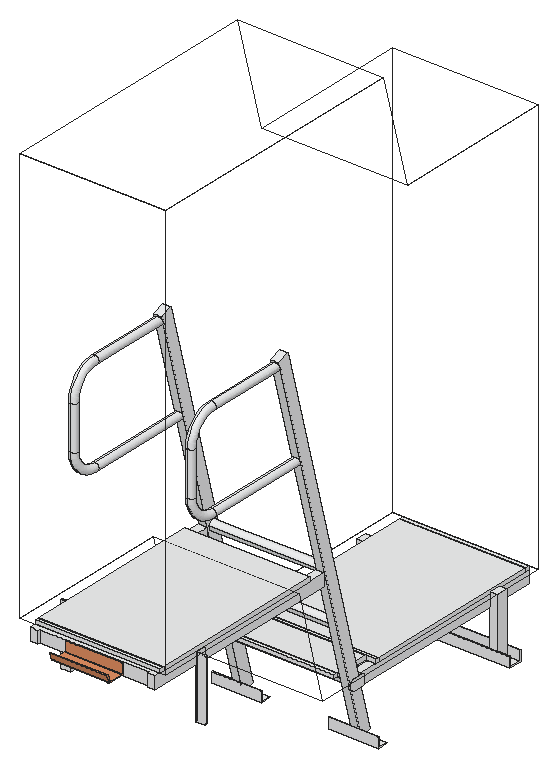
Revit family "Dock_Ladder_Kattsafe_Parapet", category Specialty Equipment, Revit 2025
Family settings
  Round Connector Dimension = Use Diameter
  Part Type = Normal
  OmniClass Number = 23.17.23.15
  Work Plane-Based = Yes
  Enable Cutting in Views = No
  Always vertical = No
  Cut with Voids When Loaded = No
  Maintain Annotation Orientation = No
  Shared = No
  Room Calculation Point = No
Parameters (values of type "RL452")
  Uniclass2015Version = "Products v1.35"
  Uniclass2015Title = "Access ladders"
  Uniclass2015Code = "Pr_25_30_85_02"
  URL = "https://kattsafe.com.au/"
  Type IFC Predefined Type = "USERDEFINED"
  Type Comments = "Dock - Parapet - Ladder"
  RequiredSpace [instance] = yes
  ModifiedIssue = 20250224
  Model = "RL452"
  Material [instance] = Aluminum_Kattsafe_Satin
  ManufacturerURLProductSpecific = "https://kattsafe.com.au/products/rung-ladders/ladder-docks/ladder-dock-parapet-mount-RL452"
  ManufacturerSpecCode = Model  # "RL452"
  ManufacturerOverallWidth = 801 mm  # constant formula
  ManufacturerOverallHeight [instance] = 1827 mm  # constant formula
  ManufacturerOverallDepth [instance] = 2325 mm  # constant formula
  Manufacturer = "Kattsafe®"  # constant formula
  LadderHeight = 856.173 mm
  IfcExportType = "USERDEFINED"
  IfcExportAs = "IfcBuildingElementProxy"
  Export Type to IFC As = "IfcBuildingElementProxy"
  ElementType = "Ladder"
  Description = "The RL452 ladder dock - parapet mount - provides a secure attachment point for portable ladders used by maintenance personnel when accessing elevated areas."
  Default Elevation = 1219.2 mm
  CreatedByURL = "https://igsgroup.com.au"
  CreatedBy = "IGS BIM Solutions"  # constant formula
  Assembly Code = "E1090100"
Reference planes
  plane 1 "Ref. Level": z = 0
  plane 2 "Center (Left/Right)": x = 0
  plane 3 "Right": x = 400.5
  plane 4 "Left": x = -400.5
  plane 5 "PlatformTop": z = 827
  plane 6 "LowerPlatformTop": z = 300
  plane 7 "PlatformLeft": x = -300.5
  plane 8 "PlatformRight": x = 300.5
  plane 9 "BottomReference": z = 0
  plane 10 "HandrailTop": z = 1827
  plane 11 "GrabrailLeftCentre": x = -281.5
  plane 12 "GrabrailRightCentre": x = 281.5
  plane 13 "PlatformFront": y = -1649.646
  plane 14 "WallPlacement": y = -1404.646
  plane 15 "PlatformBack": y = -639.646
  plane 16 "FloorBackSupport": y = 385.354
  plane 17 "Back": y = 590.354
  plane 18 "FloorMountFront": y = -414.646
  plane 19 "MountBottom": z = 507
  plane 20 "Front": y = -1734.646
  plane 21 "RequiredSpaceRight": x = 350.5
  plane 22 "RequiredSpaceLeft": x = -350.5
Forms (mm)
  Extrusion 1, solid, material "Aluminum_Kattsafe_Mesh_Walkway"
    sketch origin (0, -2055.168, 300) x (0, -1, 0) y (1, 0, 0)
      loop
        line (-2627.023, -300.5) -> (-1749.773, -300.5) -> (-1749.773, 300.5) -> (-2627.023, 300.5) -> (-2627.023, -300.5)
    from 0 to -18.5
  Extrusion 2, solid, material "Aluminum_Kattsafe_Satin" <- "Material"
    sketch origin (0, -430.062, 229) x (0, 1, 0) y (0, 0, 1)
      loop
        line (1020.417, 71) -> (1001.917, 71) -> (1001.917, 52.5) -> (1020.417, 52.5) -> (1020.417, 71)
    from -300.5 to 300.5
  Extrusion 3, solid, material "Aluminum_Kattsafe_Satin" <- "Material"
    sketch origin (1218.7, -5088.085, 130) x (0, -1, 0) y (-1, 0, 0)
      loop
        line (-5502.44, 1557.2) -> (-5502.44, 1519.2) -> (-5444.44, 1519.2) -> (-5444.44, 1557.2) -> (-5502.44, 1557.2)
    from -163 to 130
  Extrusion 4, solid, material "Aluminum_Kattsafe_Satin" <- "Material"
    sketch origin (1219.7, -5088.085, 130) x (0, -1, 0) y (-1, 0, 0)
      loop
        line (-5502.44, 919.2) -> (-5502.44, 881.2) -> (-5444.44, 881.2) -> (-5444.44, 919.2) -> (-5502.44, 919.2)
    from -163 to 130
  Extrusion 5, solid, material "Aluminum_Kattsafe_Satin" <- "Material"
    sketch origin (0, 224.832, 92) x (1, 0, 0) y (0, 0, 1)
      loop
        line (262.5, 189.5) -> (262.5, 131.5) -> (300.5, 131.5) -> (300.5, 189.5) -> (262.5, 189.5)
    from 639.477 to -365.523
  Extrusion 6, solid, material "Aluminum_Kattsafe_Satin" <- "Material"
    sketch origin (0, 224.832, 92) x (1, 0, 0) y (0, 0, 1)
      loop
        line (-300.5, 189.5) -> (-300.5, 131.5) -> (-262.5, 131.5) -> (-262.5, 189.5) -> (-300.5, 189.5)
    from 639.477 to -365.523
  Extrusion 7, solid, material "Aluminum_Kattsafe_Mesh_Walkway"
    sketch origin (0, -2055.168, 300) x (0, -1, 0) y (1, 0, 0)
      loop
        line (-1731.273, -250) -> (-1558.523, -250) -> (-1558.523, 250) -> (-1731.273, 250) -> (-1731.273, -250)
    from 0 to -18.5
  Extrusion 8, solid, material "Aluminum_Kattsafe_Satin" <- "Material"
    sketch origin (0, -1360.396, 229) x (0, 1, 0) y (0, 0, 1)
      loop
        line (1055, 71) -> (1036.5, 71) -> (1036.5, 52.5) -> (1055, 52.5) -> (1055, 71)
    from -300.5 to 300.5
  Extrusion 9, solid, material "Aluminum_Kattsafe_Satin" <- "Material"
    sketch origin (0, -1514.437, 229) x (0, 1, 0) y (0, 0, 1)
      loop
        line (1017.791, 71) -> (999.791, 71) -> (999.791, 52.5) -> (1017.791, 52.5) -> (1017.791, 71)
    from -250 to 250
  Extrusion 10, solid, material "Aluminum_Kattsafe_Mesh_Walkway"
    sketch origin (0, -2184.846, 827) x (0, -1, 0) y (1, 0, 0)
      loop
        line (-1465.2, -300) -> (-583.7, -300) -> (-583.7, 300) -> (-1465.2, 300) -> (-1465.2, -300)
    from 0 to -18.5
  Extrusion 11, solid, material "Aluminum_Kattsafe_Satin" <- "Material", detail levels medium+fine
    sketch origin (0, -2246.107, 577) x (0, 1, 0) y (0, 0, 1)
      loop
        line (1028.462, 193.5) -> (1086.462, 193.5) -> (1086.462, 231.5) -> (1028.462, 231.5) -> (1028.462, 193.5)
      loop
        line (1451.462, 193.5) -> (1509.462, 193.5) -> (1509.462, 231.5) -> (1451.462, 231.5) -> (1451.462, 193.5)
    from -262 to 262
  Extrusion 12, solid, material "Aluminum_Kattsafe_Satin"
    sketch origin (0, -2184.846, 808.5) x (0, -1, 0) y (1, 0, 0)
      loop
        line (-1545.2, -300) -> (-535.2, -300) -> (-535.2, -262) -> (-545.2, -262) -> (-545.2, 262) -> (-535.2, 262) -> (-535.2, 300) -> (-1545.2, 300) -> (-1545.2, 262) -> (-583.2, 262) -> (-583.2, -262) -> (-1545.2, -262) -> (-1545.2, -300)
    from 0 to -57.262
  Extrusion 13, solid, material "Aluminum_Kattsafe_Satin" <- "Material"
    sketch origin (-400.5, -2187.991, 827) x (0, -1, 0) y (0, 0, -1)
      loop
        line (-1804.019, 827) -> (-1804.019, 824) -> (-1757.019, 824) -> (-1757.019, 777) -> (-1754.019, 777) -> (-1754.019, 827) -> (-1804.019, 827)
    from 0 to 238
  Extrusion 14, solid, material "Aluminum_Kattsafe_Satin" <- "Material"
    sketch origin (400.5, -2187.991, 827) x (0, -1, 0) y (0, 0, -1)
      loop
        line (-1804.019, 827) -> (-1804.019, 824) -> (-1757.019, 824) -> (-1757.019, 777) -> (-1754.019, 777) -> (-1754.019, 827) -> (-1804.019, 827)
    from 0 to -238
  Extrusion 15, solid, material "Aluminum_Kattsafe_Satin" <- "Material"
    sketch origin (0, -2215.085, 827) x (0, -1, 0) y (0, 0, -1)
      loop
        line (-2632.94, 777) -> (-2629.94, 777) -> (-2629.94, 824) -> (-2570.94, 824) -> (-2570.94, 777) -> (-2567.94, 777) -> (-2567.94, 827) -> (-2632.94, 827) -> (-2632.94, 777)
    from -400.5 to 400.5
  Sweep 16, solid, material "Aluminum_Kattsafe_Satin" <- "Material"
    path origin (-281.5, 0, 0) x (0, 0, -1) y (0, -1, 0)
      loop
        line (-1808, 902.027) -> (-1808, 1287.65)
        arc (-1808, 1287.65) -> (-1771.388, 1376.039) -> (-1683, 1412.65) r 125
        line (-1683, 1412.65) -> (-1471, 1412.65)
        arc (-1471, 1412.65) -> (-1382.612, 1376.039) -> (-1346, 1287.65) r 125
        line (-1346, 1287.65) -> (-1346, 778.234)
    profile origin (-281.5, -1094.839, 1808) x (0, 0, 1) y (-1, 0, 0)
      loop
        circle (0, 0) r 19
  Sweep 17, solid, material "Aluminum_Kattsafe_Satin" <- "Material"
    path origin (281.5, 0, 0) x (0, 0, -1) y (0, -1, 0)
      loop
        line (-1808, 902.504) -> (-1808, 1287.65)
        arc (-1808, 1287.65) -> (-1771.388, 1376.039) -> (-1683, 1412.65) r 125
        line (-1683, 1412.65) -> (-1471, 1412.65)
        arc (-1471, 1412.65) -> (-1382.612, 1376.039) -> (-1346, 1287.65) r 125
        line (-1346, 1287.65) -> (-1346, 778.711)
    profile origin (281.5, -1095.077, 1808) x (0, 0, -1) y (1, 0, 0)
      loop
        circle (0, 0) r 19
  Extrusion 18, solid, material "Aluminum_Kattsafe_Satin" <- "Material", detail levels medium+fine
    sketch origin (-300.5, 0, 0) x (0, 1, 0) y (0, 0, 1)
      loop
        line (-1404.646, 507) -> (-1364.646, 507)
        arc (-1364.646, 507) -> (-1357.575, 509.929) -> (-1354.646, 517) r 10
        line (-1354.646, 517) -> (-1354.646, 797)
        arc (-1354.646, 797) -> (-1357.575, 804.071) -> (-1364.646, 807) r 10
        line (-1364.646, 807) -> (-1404.646, 807) -> (-1404.646, 507)
    from 0 to -3
  Extrusion 19, solid, material "Aluminum_Kattsafe_Satin" <- "Material", detail levels medium+fine
    sketch origin (0, -1404.646, 0) x (-1, 0, 0) y (0, 0, 1)
      loop
        line (300.5, 507) -> (340.5, 507)
        arc (340.5, 507) -> (347.571, 509.929) -> (350.5, 517) r 10
        line (350.5, 517) -> (350.5, 797)
        arc (350.5, 797) -> (347.571, 804.071) -> (340.5, 807) r 10
        line (340.5, 807) -> (300.5, 807) -> (300.5, 507)
    from 0 to 3
  Extrusion 20, solid, material "Aluminum_Kattsafe_Satin" <- "Material", detail levels medium+fine
    sketch origin (300.5, 0, 0) x (0, 1, 0) y (0, 0, -1)
      loop
        line (-1404.646, -507) -> (-1404.646, -807) -> (-1364.646, -807)
        arc (-1364.646, -807) -> (-1357.575, -804.071) -> (-1354.646, -797) r 10
        line (-1354.646, -797) -> (-1354.646, -517)
        arc (-1354.646, -517) -> (-1357.575, -509.929) -> (-1364.646, -507) r 10
        line (-1364.646, -507) -> (-1404.646, -507)
    from 0 to -3
  Extrusion 21, solid, material "Aluminum_Kattsafe_Satin" <- "Material", detail levels medium+fine
    sketch origin (0, -1404.646, 0) x (1, 0, 0) y (0, 0, -1)
      loop
        line (300.5, -507) -> (300.5, -807) -> (340.5, -807)
        arc (340.5, -807) -> (347.571, -804.071) -> (350.5, -797) r 10
        line (350.5, -797) -> (350.5, -517)
        arc (350.5, -517) -> (347.571, -509.929) -> (340.5, -507) r 10
        line (340.5, -507) -> (300.5, -507)
    from 0 to 3
  Extrusion 22, solid, material "Aluminum_Kattsafe_Satin" <- "Material"
    sketch origin (0, -5, 0) x (0, 1, 0) y (0, 0, 1)
      loop
        line (-1596.146, 827) -> (-1614.646, 827) -> (-1614.646, 808.5) -> (-1596.146, 808.5) -> (-1596.146, 827)
    from -300 to 300
  Extrusion 23, solid, material "Steel_PowderCoat_Kattsafe_Orange", detail levels medium+fine
    sketch origin (0, 0, 0) x (0, 1, 0) y (0, 0, 1)
      loop
        line (-1641.646, 805.619) -> (-1641.646, 758.119)
        arc (-1641.646, 758.119) -> (-1642.232, 756.705) -> (-1643.646, 756.119) r 2
        line (-1643.646, 756.119) -> (-1717.89, 756.119)
        arc (-1717.89, 756.119) -> (-1719.038, 756.48) -> (-1719.77, 757.435) r 2
        line (-1719.77, 757.435) -> (-1732.766, 793.142) -> (-1734.646, 792.458) -> (-1721.649, 756.751)
        arc (-1721.649, 756.751) -> (-1720.185, 754.842) -> (-1717.89, 754.119) r 4
        line (-1717.89, 754.119) -> (-1643.646, 754.119)
        arc (-1643.646, 754.119) -> (-1640.817, 755.29) -> (-1639.646, 758.119) r 4
        line (-1639.646, 758.119) -> (-1639.646, 805.619) -> (-1641.646, 805.619)
    from -137.5 to 137.5
  Extrusion 24, solid, material "RequiredSpace_Kattsafe", visible <- "RequiredSpace"
    sketch origin (0, 0, 0) x (0, 1, 0) y (0, 0, 1)
      loop
        line (-1649.646, 2827) -> (-1649.646, 827) -> (-846.224, 827) -> (-705.015, 300) -> (590.354, 300) -> (590.354, 2300) -> (-197.355, 2300) -> (-338.564, 2827) -> (-1649.646, 2827)
    from -350.5 to 350.5
  Extrusion 25, solid, material "Aluminum_Kattsafe_Satin" <- "Material", detail levels medium+fine
    sketch origin (0, 0, 0) x (0, 1, 0) y (0, 0, 1)
      loop
        line (580.354, 243.5) -> (580.354, 281.5) -> (522.354, 281.5) -> (522.354, 243.5) -> (580.354, 243.5)
    from -262.5 to 262.5
  Extrusion 26, solid, material "Aluminum_Kattsafe_Satin" <- "Material", detail levels medium+fine
    sketch origin (0, 0, 0) x (0, 1, 0) y (0, 0, 1)
      loop
        line (157.354, 243.5) -> (157.354, 281.5) -> (99.354, 281.5) -> (99.354, 243.5) -> (157.354, 243.5)
    from -262.5 to 262.5
  Extrusion 27, solid, material "Aluminum_Kattsafe_Satin" <- "Material", detail levels medium+fine
    sketch origin (0, 0, 0) x (0, 1, 0) y (0, 0, 1)
      loop
        line (-266.646, 243.5) -> (-266.646, 281.5) -> (-324.646, 281.5) -> (-324.646, 243.5) -> (-266.646, 243.5)
    from -262.5 to 262.5
  Extrusion 28, solid, material "Aluminum_Kattsafe_Satin" <- "Material", detail levels medium+fine
    sketch origin (300.5, 0, 0) x (0, 1, 0) y (0, 0, -1)
      loop
        line (-406.442, -271.5) -> (-406.442, -233.5)
        arc (-406.442, -233.5) -> (-408.199, -229.257) -> (-412.442, -227.5) r 6
        line (-412.442, -227.5) -> (-461.496, -227.5)
        arc (-461.496, -227.5) -> (-486.496, -252.5) -> (-461.496, -277.5) r 25
        line (-461.496, -277.5) -> (-412.442, -277.5)
        arc (-412.442, -277.5) -> (-408.199, -275.743) -> (-406.442, -271.5) r 6
    from 0 to -6
  Extrusion 29, solid, material "Aluminum_Kattsafe_Satin" <- "Material", detail levels medium+fine
    sketch origin (-300.5, 0, 0) x (0, 1, 0) y (0, 0, 1)
      loop
        arc (-406.442, 271.5) -> (-408.199, 275.743) -> (-412.442, 277.5) r 6
        line (-412.442, 277.5) -> (-461.496, 277.5)
        arc (-461.496, 277.5) -> (-486.496, 252.5) -> (-461.496, 227.5) r 25
        line (-461.496, 227.5) -> (-412.442, 227.5)
        arc (-412.442, 227.5) -> (-408.199, 229.257) -> (-406.442, 233.5) r 6
        line (-406.442, 233.5) -> (-406.442, 271.5)
    from 0 to -6
Cuts and joins
  joined: Extrusion 18, Extrusion 19
  joined: Extrusion 20, Extrusion 21
Lines and regions (mm)
  Masking region 1
    outline origin (0, 0, 300) x (0, -1, 0) y (1, 0, 0)
      loop
        line (1734.646, -137.5) -> (1734.646, 137.5) -> (1639.646, 137.5) -> (1639.646, -137.5) -> (1734.646, -137.5)
  Masking region 2
    outline origin (0, 0, 300) x (0, -1, 0) y (1, 0, 0)
      loop
        line (-590.354, -300.5) -> (-417.854, -300.5) -> (-417.854, -400.5) -> (-352.854, -400.5) -> (-352.854, -300.5) -> (383.972, -300.5) -> (383.972, -400.5) -> (433.972, -400.5) -> (433.972, -300.5) -> (1649.646, -300.5) -> (1649.646, -262) -> (1639.646, -262) -> (1639.646, -137.5) -> (1734.646, -137.5) -> (1734.646, 137.5) -> (1639.646, 137.5) -> (1639.646, 262) -> (1649.646, 262) -> (1649.646, 300.5) -> (433.972, 300.5) -> (433.972, 400.5) -> (383.972, 400.5) -> (383.972, 300.5) -> (-352.854, 300.5) -> (-352.854, 400.5) -> (-417.854, 400.5) -> (-417.854, 300.5) -> (-590.354, 300.5) -> (-590.354, -300.5)
  reference lines
    curve 1: line (0, -387.552, 0) -> (0, -461.619, 276.422)
    curve 2: line (0, -387.552, 0) -> (0, -363.404, 6.47)
    curve 3: line (300, -639.646, 827) -> (300, -955.405, 2005.43)
  symbolic lines, style "Required Space", visible <- "RequiredSpace"
    curve 4: line (0, -197.355, 2300) -> (0, -338.564, 2827)
    curve 5: line (0, 590.354, 2300) -> (0, -197.355, 2300)
    curve 6: line (0, 590.354, 300) -> (0, 590.354, 2300)
    curve 7: line (0, -705.015, 300) -> (0, 590.354, 300)
    curve 8: line (0, -846.224, 827) -> (0, -705.015, 300)
    curve 9: line (0, -338.564, 2827) -> (0, -1649.646, 2827)
    curve 10: line (0, -1649.646, 2827) -> (0, -1649.646, 827)
    curve 11: line (0, -1649.646, 827) -> (0, -846.224, 827)
    curve 16: line (-350.5, 590.354, 300) -> (350.5, 590.354, 300)
    curve 17: line (-350.5, -1649.646, 300) -> (-350.5, 590.354, 300)
    curve 18: line (350.5, -1649.646, 300) -> (-350.5, -1649.646, 300)
    curve 19: line (350.5, 590.354, 300) -> (350.5, -1649.646, 300)
  symbolic lines, style "Ladder", detail levels medium+fine
    curve 12: line (-262, -1639.646, 300) -> (-262, -1619.646, 300)
    curve 13: line (262, -1639.646, 300) -> (262, -1619.646, 300)
    curve 14: line (-137.5, -1641.646, 300) -> (137.5, -1641.646, 300)
    curve 15: line (137.5, -1732.766, 300) -> (-137.5, -1732.766, 300)
    curve 20: line (-300.5, 418.218, 300) -> (-300.5, 352.854, 300)
    curve 21: line (-300.5, -305.396, 300) -> (300.5, -305.396, 300)
    curve 22: line (300.5, -323.896, 300) -> (-300.5, -323.896, 300)
    curve 23: line (-300.5, -383.972, 300) -> (-300.5, -433.972, 300)
    curve 24: line (-262.5, -507.674, 300) -> (262.5, -507.674, 300)
    curve 25: line (-262.5, -555.54, 300) -> (262.5, -555.54, 300)
    curve 26: line (262.5, -584.048, 300) -> (-262.5, -584.048, 300)
    curve 27: line (-262.5, -627.514, 300) -> (262.5, -627.514, 300)
    curve 28: line (262.5, -719.646, 300) -> (-262.5, -719.646, 300)
    curve 29: line (-262.5, -323.896, 300) -> (-262.5, -1412.646, 300)
    curve 30: line (262.5, -323.896, 300) -> (262.5, -1412.646, 300)
    curve 31: arc (-262.5, -1412.646, 300) -> (-281.5, -1431.646, 300) -> (-300.5, -1412.646, 300) r 19
    curve 32: arc (262.5, -1412.646, 300) -> (281.5, -1431.646, 300) -> (300.5, -1412.646, 300) r 19
    curve 33: line (-300, -1619.646, 300) -> (300, -1619.646, 300)
    curve 34: line (300, -1601.146, 300) -> (-300, -1601.146, 300)
    curve 35: line (-137.5, -1639.646, 300) -> (137.5, -1639.646, 300)
    curve 36: line (300.5, 418.218, 300) -> (300.5, 352.854, 300)
    curve 37: line (300.5, -383.972, 300) -> (300.5, -433.972, 300)
    curve 38: line (-300.5, 571.854, 300) -> (300.5, 571.854, 300)
  symbolic lines, style "Required Space", visible <- "RequiredSpace", detail levels medium+fine
    curve 39: line (-350.5, 0, 2827) -> (350.5, 0, 2827)
    curve 40: line (-350.5, 0, 300) -> (-350.5, 0, 2827)
    curve 41: line (350.5, 0, 300) -> (-350.5, 0, 300)
    curve 42: line (350.5, 0, 2827) -> (350.5, 0, 300)
Text (mm)
  text "Disclaimer:\nDue to ongoing product development and manufacturing \nevolution, product details are subject to change without \nnotice. Please refer to product technical data sheets on \nthe manufacturers website for the most current product \ninformation. Please allow a +/- 5mm manufacturing \ntolerance for dimensions and set-outs shown in product \nliterature." at (985.527, -765.063, 0), in view "Ref. Level"
Dimensions and locks
  equal spacing: plane 4 "Left", plane 2 "Center (Left/Right)", plane 3 "Right"
  "ManufacturerOverallWidth": plane 4 "Left" to plane 3 "Right"
  locked: plane 8 "PlatformRight" to plane 3 "Right" at 100
  locked: plane 4 "Left" to plane 7 "PlatformLeft" at 100
  locked: plane 5 "PlatformTop" to plane 10 "HandrailTop" at 1000
  locked: plane 9 "BottomReference" to plane 6 "LowerPlatformTop" at 300
  "ManufacturerOverallDepth": plane 17 "Back" to plane 20 "Front"
  locked: plane 13 "PlatformFront" to plane 20 "Front" at 85
  locked: plane 14 "WallPlacement" to plane 20 "Front" at 330
  "ManufacturerOverallHeight": plane 9 "BottomReference" to plane 10 "HandrailTop"
  locked: plane 22 "RequiredSpaceLeft" to plane 7 "PlatformLeft" at 50
  locked: plane 8 "PlatformRight" to plane 21 "RequiredSpaceRight" at 50
  locked: plane 19 "MountBottom" to plane 5 "PlatformTop" at 320
  aligned and locked: level to plane 1 "Ref. Level"
  aligned and locked: Extrusion 6 to Extrusion 5
  aligned and locked: nested 1 to curve 2
  aligned and locked: nested 1 to curve 1
  aligned and locked: Extrusion 7 to Extrusion 9
  aligned and locked: Extrusion 9 to Extrusion 7
  aligned and locked: Extrusion 24 to plane 22 "RequiredSpaceLeft"
  aligned and locked: Extrusion 24 to plane 21 "RequiredSpaceRight"
  aligned and locked: Extrusion 24 sketch curve to plane 5 "PlatformTop"
  aligned and locked: Extrusion 24 sketch curve to plane 13 "PlatformFront"
  aligned and locked: Extrusion 24 sketch curve to plane 6 "LowerPlatformTop"
  aligned and locked: Extrusion 24 sketch curve to plane 17 "Back"
  aligned and locked: curve 4 to Extrusion 24
  aligned and locked: curve 5 to Extrusion 24
  aligned and locked: curve 6 to Extrusion 24
  aligned and locked: curve 7 to Extrusion 24
  aligned and locked: curve 8 to Extrusion 24
  aligned and locked: curve 9 to Extrusion 24
  aligned and locked: curve 10 to Extrusion 24
  aligned and locked: curve 11 to Extrusion 24
  aligned and locked: curve 16 to Extrusion 24
  aligned and locked: curve 17 to Extrusion 24
  aligned and locked: curve 18 to Extrusion 24
  aligned and locked: curve 19 to Extrusion 24
  aligned and locked: Extrusion 29 sketch curve to Extrusion 28
Automatic sketch dimensions
  curve 2 to level = 0 mm
  plane 18 "FloorMountFront" to curve 2 = 27.094 mm
  curve 1 to plane 18 "FloorMountFront" = 46.973 mm
  level to curve 2 = 6.47 mm
  curve 1 to curve 2 = 24.148 mm
  plane 5 "PlatformTop" to curve 3 = 0 mm
  curve 3 to plane 15 "PlatformBack" = 0 mm
  plane 15 "PlatformBack" to curve 3 = 315.759 mm
  plane 10 "HandrailTop" to curve 3 = 178.43 mm
  Extrusion 3 sketch curve to plane 7 "PlatformLeft" = 0 mm
  plane 16 "FloorBackSupport" to Extrusion 3 sketch curve = 29 mm
  Extrusion 3 sketch curve to plane 16 "FloorBackSupport" = 29 mm
  Extrusion 3 sketch curve to Extrusion 3 sketch curve = 38 mm
  Extrusion 4 sketch curve to plane 8 "PlatformRight" = 0 mm
  plane 16 "FloorBackSupport" to Extrusion 4 sketch curve = 29 mm
  Extrusion 4 sketch curve to plane 16 "FloorBackSupport" = 29 mm
  Extrusion 4 sketch curve to Extrusion 4 sketch curve = 38 mm
  Extrusion 13 sketch curve to level = 0 mm
  plane 18 "FloorMountFront" to Extrusion 13 sketch curve = 30.674 mm
  level to Extrusion 13 sketch curve = 3 mm
  Extrusion 13 sketch curve to plane 18 "FloorMountFront" = 16.326 mm
  Extrusion 13 sketch curve to Extrusion 13 sketch curve = 3 mm
  Extrusion 13 sketch curve to Extrusion 13 sketch curve = 47 mm
  Extrusion 14 sketch curve to level = 0 mm
  plane 18 "FloorMountFront" to Extrusion 14 sketch curve = 30.674 mm
  level to Extrusion 14 sketch curve = 3 mm
  Extrusion 14 sketch curve to plane 18 "FloorMountFront" = 16.326 mm
  Extrusion 14 sketch curve to Extrusion 14 sketch curve = 3 mm
  Extrusion 14 sketch curve to Extrusion 14 sketch curve = 47 mm
  Extrusion 15 sketch curve to level = 0 mm
  plane 16 "FloorBackSupport" to Extrusion 15 sketch curve = 32.5 mm
  Extrusion 15 sketch curve to Extrusion 15 sketch curve = 3 mm  (x2)
  level to Extrusion 15 sketch curve = 3 mm
  Extrusion 15 sketch curve to plane 16 "FloorBackSupport" = 29.5 mm
  Extrusion 15 sketch curve to Extrusion 15 sketch curve = 47 mm  (x2)
  plane 5 "PlatformTop" to curve 11 = 0 mm
  curve 11 to plane 13 "PlatformFront" = 0 mm
  plane 6 "LowerPlatformTop" to curve 8 = 0 mm
  curve 5 to plane 17 "Back" = 0 mm
  curve 8 to plane 15 "PlatformBack" = 206.578 mm
  curve 8 to plane 15 "PlatformBack" = 65.369 mm
  plane 18 "FloorMountFront" to curve 9 = 76.082 mm
  plane 18 "FloorMountFront" to curve 5 = 217.291 mm
  curve 5 to plane 10 "HandrailTop" = 473 mm
  curve 10 to plane 10 "HandrailTop" = 1000 mm
  Extrusion 1 sketch curve to plane 8 "PlatformRight" = 0 mm
  Extrusion 1 sketch curve to plane 7 "PlatformLeft" = 0 mm
  Extrusion 1 sketch curve to plane 17 "Back" = 18.5 mm
  plane 18 "FloorMountFront" to Extrusion 1 sketch curve = 109.25 mm
  plane 6 "LowerPlatformTop" to Extrusion 2 sketch curve = 0 mm
  Extrusion 2 sketch curve to plane 17 "Back" = 0 mm
  Extrusion 2 sketch curve to plane 17 "Back" = 18.5 mm
  plane 6 "LowerPlatformTop" to Extrusion 2 sketch curve = 18.5 mm
  plane 8 "PlatformRight" to Extrusion 5 sketch curve = 0 mm
  Extrusion 5 sketch curve to plane 12 "GrabrailRightCentre" = 19 mm
  plane 6 "LowerPlatformTop" to Extrusion 5 sketch curve = 76.5 mm
  plane 6 "LowerPlatformTop" to Extrusion 5 sketch curve = 18.5 mm
  Extrusion 6 sketch curve to plane 7 "PlatformLeft" = 0 mm
  Extrusion 6 sketch curve to plane 11 "GrabrailLeftCentre" = 19 mm
  plane 6 "LowerPlatformTop" to Extrusion 6 sketch curve = 76.5 mm
  plane 6 "LowerPlatformTop" to Extrusion 6 sketch curve = 18.5 mm
  Extrusion 7 sketch curve to plane 12 "GrabrailRightCentre" = 31.5 mm
  plane 18 "FloorMountFront" to Extrusion 7 sketch curve = 90.75 mm
  Extrusion 7 sketch curve to plane 11 "GrabrailLeftCentre" = 31.5 mm
  Extrusion 7 sketch curve to plane 18 "FloorMountFront" = 82 mm
  plane 6 "LowerPlatformTop" to Extrusion 8 sketch curve = 0 mm
  plane 18 "FloorMountFront" to Extrusion 8 sketch curve = 90.75 mm
  Extrusion 8 sketch curve to Extrusion 8 sketch curve = 18.5 mm
  plane 6 "LowerPlatformTop" to Extrusion 8 sketch curve = 18.5 mm
  plane 6 "LowerPlatformTop" to Extrusion 9 sketch curve = 0 mm
  Extrusion 9 sketch curve to plane 18 "FloorMountFront" = 100 mm
  Extrusion 9 sketch curve to Extrusion 9 sketch curve = 18 mm
  plane 6 "LowerPlatformTop" to Extrusion 9 sketch curve = 18.5 mm
  plane 8 "PlatformRight" to Extrusion 10 sketch curve = 0.5 mm
  Extrusion 10 sketch curve to plane 15 "PlatformBack" = 80 mm
  plane 7 "PlatformLeft" to Extrusion 10 sketch curve = 0.5 mm
  plane 13 "PlatformFront" to Extrusion 10 sketch curve = 48.5 mm
  plane 5 "PlatformTop" to Extrusion 11 sketch curve = 18.5 mm  (x2)
  plane 14 "WallPlacement" to Extrusion 11 sketch curve = 187 mm
  Extrusion 11 sketch curve to Extrusion 11 sketch curve = 58 mm  (x2)
  plane 5 "PlatformTop" to Extrusion 11 sketch curve = 56.5 mm
  Extrusion 11 sketch curve to plane 15 "PlatformBack" = 155 mm
  Extrusion 11 sketch curve to Extrusion 11 sketch curve = 38 mm
  Extrusion 12 sketch curve to plane 15 "PlatformBack" = 0 mm  (x2)
  Extrusion 12 sketch curve to plane 13 "PlatformFront" = 0 mm  (x2)
  Extrusion 12 sketch curve to plane 12 "GrabrailRightCentre" = 19.5 mm  (x2)
  Extrusion 12 sketch curve to Extrusion 12 sketch curve = 48 mm
  plane 13 "PlatformFront" to Extrusion 12 sketch curve = 10 mm
  Extrusion 12 sketch curve to plane 11 "GrabrailLeftCentre" = 19.5 mm  (x2)
  plane 7 "PlatformLeft" to Extrusion 12 sketch curve = 0.5 mm
  plane 8 "PlatformRight" to Extrusion 12 sketch curve = 0.5 mm
  plane 10 "HandrailTop" to Sweep 16 sketch curve = 19 mm
  Sweep 16 sketch curve to plane 14 "WallPlacement" = 8.005 mm
  plane 10 "HandrailTop" to Sweep 16 sketch curve = 144 mm
  Sweep 16 sketch curve to Sweep 16 sketch curve = 212 mm
  plane 14 "WallPlacement" to Sweep 16 sketch curve = 116.995 mm
  Sweep 16 sketch curve to plane 15 "PlatformBack" = 262.381 mm
  Sweep 16 sketch curve to plane 15 "PlatformBack" = 138.589 mm
  plane 11 "GrabrailLeftCentre" to Sweep 16 sketch curve = 0 mm
  Sweep 16 sketch curve to profile plane = 0 mm
  Sweep 17 sketch curve to plane 10 "HandrailTop" = 19 mm
  plane 14 "WallPlacement" to Sweep 17 sketch curve = 8.005 mm
  Sweep 17 sketch curve to plane 10 "HandrailTop" = 144 mm
  Sweep 17 sketch curve to Sweep 17 sketch curve = 212 mm
  Sweep 17 sketch curve to plane 14 "WallPlacement" = 116.995 mm
  plane 15 "PlatformBack" to Sweep 17 sketch curve = 262.858 mm
  plane 15 "PlatformBack" to Sweep 17 sketch curve = 139.066 mm
  Sweep 17 sketch curve to plane 12 "GrabrailRightCentre" = 0 mm
  Sweep 17 sketch curve to profile plane = 0 mm
  Extrusion 18 sketch curve to plane 14 "WallPlacement" = 0 mm
  plane 19 "MountBottom" to Extrusion 18 sketch curve = 0 mm
  plane 5 "PlatformTop" to Extrusion 18 sketch curve = 20 mm
  plane 14 "WallPlacement" to Extrusion 18 sketch curve = 40 mm  (x2)
  Extrusion 18 sketch curve to plane 19 "MountBottom" = 10 mm
  Extrusion 19 sketch curve to plane 7 "PlatformLeft" = 0 mm
  Extrusion 19 sketch curve to plane 19 "MountBottom" = 0 mm
  Extrusion 19 sketch curve to plane 22 "RequiredSpaceLeft" = 0 mm
  plane 22 "RequiredSpaceLeft" to Extrusion 19 sketch curve = 10 mm  (x2)
  plane 5 "PlatformTop" to Extrusion 19 sketch curve = 30 mm
  Extrusion 20 sketch curve to plane 14 "WallPlacement" = 0 mm
  plane 19 "MountBottom" to Extrusion 20 sketch curve = 0 mm
  Extrusion 20 sketch curve to plane 5 "PlatformTop" = 20 mm
  Extrusion 20 sketch curve to Extrusion 20 sketch curve = 40 mm  (x2)
  Extrusion 20 sketch curve to Extrusion 20 sketch curve = 10 mm
  plane 8 "PlatformRight" to Extrusion 21 sketch curve = 0 mm
  Extrusion 21 sketch curve to plane 19 "MountBottom" = 0 mm
  plane 21 "RequiredSpaceRight" to Extrusion 21 sketch curve = 0 mm
  plane 21 "RequiredSpaceRight" to Extrusion 21 sketch curve = 10 mm  (x2)
  plane 5 "PlatformTop" to Extrusion 21 sketch curve = 30 mm
  plane 5 "PlatformTop" to Extrusion 22 sketch curve = 0 mm
  plane 13 "PlatformFront" to Extrusion 22 sketch curve = 30 mm
  Extrusion 22 sketch curve to Extrusion 22 sketch curve = 18.5 mm  (x2)
  Extrusion 23 sketch curve to Extrusion 23 sketch curve = 0 mm  (x4)
  Extrusion 23 sketch curve to plane 20 "Front" = 0 mm
  plane 20 "Front" to Extrusion 23 sketch curve = 1.879 mm
  plane 20 "Front" to Extrusion 23 sketch curve = 12.996 mm
  Extrusion 23 sketch curve to Extrusion 23 sketch curve = 1.879 mm  (x2)
  plane 13 "PlatformFront" to Extrusion 23 sketch curve = 6 mm
  plane 13 "PlatformFront" to Extrusion 23 sketch curve = 8 mm
  Extrusion 23 sketch curve to Extrusion 23 sketch curve = 2 mm
  plane 5 "PlatformTop" to Extrusion 23 sketch curve = 72.881 mm
  Extrusion 23 sketch curve to Extrusion 23 sketch curve = 0.632 mm
  plane 5 "PlatformTop" to Extrusion 23 sketch curve = 21.381 mm
  Extrusion 24 sketch curve to plane 15 "PlatformBack" = 206.578 mm
  Extrusion 24 sketch curve to plane 15 "PlatformBack" = 65.369 mm
  plane 18 "FloorMountFront" to Extrusion 24 sketch curve = 76.082 mm
  plane 18 "FloorMountFront" to Extrusion 24 sketch curve = 217.291 mm
  Extrusion 24 sketch curve to plane 10 "HandrailTop" = 473 mm
  Extrusion 24 sketch curve to plane 10 "HandrailTop" = 1000 mm
  Masking region 1 sketch curve to plane 20 "Front" = 0 mm
  plane 13 "PlatformFront" to Masking region 1 sketch curve = 10 mm
  Masking region 1 sketch curve to plane 2 "Center (Left/Right)" = 137.5 mm
  plane 2 "Center (Left/Right)" to Masking region 1 sketch curve = 137.5 mm
  Extrusion 25 sketch curve to plane 17 "Back" = 68 mm
  Extrusion 25 sketch curve to plane 17 "Back" = 10 mm
  plane 6 "LowerPlatformTop" to Extrusion 25 sketch curve = 56.5 mm
  plane 6 "LowerPlatformTop" to Extrusion 25 sketch curve = 18.5 mm
  plane 6 "LowerPlatformTop" to Extrusion 26 sketch curve = 56.5 mm
  Extrusion 26 sketch curve to plane 16 "FloorBackSupport" = 286 mm
  plane 6 "LowerPlatformTop" to Extrusion 26 sketch curve = 18.5 mm
  Extrusion 26 sketch curve to Extrusion 26 sketch curve = 58 mm
  plane 18 "FloorMountFront" to Extrusion 27 sketch curve = 90 mm
  plane 6 "LowerPlatformTop" to Extrusion 27 sketch curve = 18.5 mm
  Extrusion 27 sketch curve to Extrusion 27 sketch curve = 58 mm
  Extrusion 27 sketch curve to Extrusion 27 sketch curve = 38 mm
  plane 18 "FloorMountFront" to Extrusion 28 sketch curve = 46.85 mm
  Extrusion 28 sketch curve to plane 18 "FloorMountFront" = 2.204 mm  (x2)
  Extrusion 28 sketch curve to Extrusion 28 sketch curve = 6 mm
  Extrusion 28 sketch curve to plane 6 "LowerPlatformTop" = 72.5 mm
  Extrusion 28 sketch curve to Extrusion 28 sketch curve = 25 mm
  plane 18 "FloorMountFront" to Extrusion 29 sketch curve = 2.204 mm  (x2)
  Extrusion 29 sketch curve to Extrusion 29 sketch curve = 6 mm
  Masking region 2 sketch curve to plane 7 "PlatformLeft" = 0 mm  (x3)
  Masking region 2 sketch curve to plane 17 "Back" = 0 mm
  Masking region 2 sketch curve to plane 4 "Left" = 0 mm  (x2)
  Masking region 2 sketch curve to plane 8 "PlatformRight" = 0 mm  (x3)
  Masking region 2 sketch curve to plane 3 "Right" = 0 mm  (x2)
  Masking region 2 sketch curve to plane 13 "PlatformFront" = 0 mm  (x2)
  Masking region 2 sketch curve to plane 20 "Front" = 0 mm
  plane 16 "FloorBackSupport" to Masking region 2 sketch curve = 32.5 mm  (x2)
  Masking region 2 sketch curve to plane 16 "FloorBackSupport" = 32.5 mm  (x2)
  plane 18 "FloorMountFront" to Masking region 2 sketch curve = 30.674 mm  (x2)
  Masking region 2 sketch curve to plane 18 "FloorMountFront" = 19.326 mm  (x2)
  plane 13 "PlatformFront" to Masking region 2 sketch curve = 10 mm  (x2)
  Masking region 2 sketch curve to plane 11 "GrabrailLeftCentre" = 19.5 mm
  Masking region 2 sketch curve to plane 2 "Center (Left/Right)" = 137.5 mm
  plane 2 "Center (Left/Right)" to Masking region 2 sketch curve = 137.5 mm
  Masking region 2 sketch curve to plane 12 "GrabrailRightCentre" = 19.5 mm
  curve 38 to plane 7 "PlatformLeft" = 0 mm
  curve 38 to plane 8 "PlatformRight" = 0 mm
  curve 36 to plane 8 "PlatformRight" = 0 mm
  curve 20 to plane 7 "PlatformLeft" = 0 mm
  curve 21 to plane 7 "PlatformLeft" = 0 mm
  curve 21 to plane 8 "PlatformRight" = 0 mm
  curve 22 to plane 8 "PlatformRight" = 0 mm
  curve 22 to plane 7 "PlatformLeft" = 0 mm
  curve 23 to plane 7 "PlatformLeft" = 0 mm
  curve 37 to plane 8 "PlatformRight" = 0 mm
  curve 31 to plane 7 "PlatformLeft" = 0 mm
  curve 32 to plane 12 "GrabrailRightCentre" = 0 mm
  curve 32 to plane 8 "PlatformRight" = 0 mm
  curve 32 to plane 14 "WallPlacement" = 8 mm
  curve 38 to plane 17 "Back" = 18.5 mm
  plane 16 "FloorBackSupport" to curve 36 = 32.863 mm
  plane 16 "FloorBackSupport" to curve 20 = 32.863 mm
  curve 20 to plane 16 "FloorBackSupport" = 32.5 mm
  curve 36 to plane 16 "FloorBackSupport" = 32.5 mm
  plane 18 "FloorMountFront" to curve 21 = 109.25 mm
  curve 21 to curve 22 = 18.5 mm
  plane 18 "FloorMountFront" to curve 23 = 30.674 mm
  plane 18 "FloorMountFront" to curve 37 = 30.674 mm
  curve 37 to plane 18 "FloorMountFront" = 19.326 mm
  curve 23 to plane 18 "FloorMountFront" = 19.326 mm
  curve 37 to curve 24 = 73.701 mm
  curve 24 to curve 25 = 47.867 mm
  curve 25 to curve 26 = 28.507 mm
  plane 15 "PlatformBack" to curve 27 = 12.131 mm
  curve 28 to plane 15 "PlatformBack" = 80 mm
  plane 8 "PlatformRight" to curve 34 = 0.5 mm
  plane 13 "PlatformFront" to curve 34 = 48.5 mm
  plane 8 "PlatformRight" to curve 33 = 0.5 mm
  curve 34 to curve 33 = 18.5 mm
  plane 13 "PlatformFront" to curve 35 = 10 mm
  plane 13 "PlatformFront" to curve 12 = 10 mm
  plane 13 "PlatformFront" to curve 13 = 10 mm
  curve 35 to curve 14 = 2 mm
  plane 20 "Front" to curve 15 = 1.879 mm
  plane 7 "PlatformLeft" to curve 34 = 0.5 mm
  plane 7 "PlatformLeft" to curve 33 = 0.5 mm
  curve 12 to plane 11 "GrabrailLeftCentre" = 19.5 mm
  curve 12 to curve 35 = 124.5 mm
  curve 15 to curve 35 = 0 mm
  curve 14 to curve 35 = 0 mm  (x2)
  plane 2 "Center (Left/Right)" to curve 35 = 137.5 mm
  curve 15 to curve 14 = 0 mm
  curve 13 to plane 12 "GrabrailRightCentre" = 19.5 mm
  curve 41 to plane 6 "LowerPlatformTop" = 0 mm
  curve 41 to plane 22 "RequiredSpaceLeft" = 0 mm
  plane 21 "RequiredSpaceRight" to curve 41 = 0 mm
  curve 40 to plane 10 "HandrailTop" = 1000 mm
  curve 31 to plane 11 "GrabrailLeftCentre" = 0 mm
  curve 31 to plane 14 "WallPlacement" = 8 mm
  radius of Sweep 16 sketch curve = 19 mm
  radius of Sweep 17 sketch curve = 19 mm
Nested families
  nested 1: "z_Ladder_Kattsafe" at (0, -634.229, 920.611) x (1, 0, 0) z (0, 0.9659, 0.2588), LadderHeight <- "LadderHeight", type "Type 1"
    with SafetyCable no, SafetyBar no, RungSpacing 300 mm, RungLength 525 mm, ManufacturerOverallDepth 1906.173 mm, LadderHeight 856.173 mm, ExtensionLength 1050 mm, Cutback 10.876 mm, BaseLanding 270 mm, ArrayCount 3, Angle 75.00°, ManufacturerOverallWidth 601 mm
Definition of nested family "z_Ladder_Kattsafe"
  Parameters (values of type "Type 1")
    Uniclass2015Version = ""
    Uniclass2015Title = ""
    Uniclass2015Code = ""
    URL = "https://kattsafe.com.au/"
    SafetyCable [instance] = yes
    SafetyBar [instance] = yes
    RungSpacing [instance] = 300 mm
    RungLength [instance] = ManufacturerOverallWidth - (38 mm * 2)  # 524 mm
    Material = none
    ManufacturerURLProductSpecific = ""
    ManufacturerSpecCode = ""
    ManufacturerOverallWidth = 600 mm
    ManufacturerOverallHeight = 58 mm
    ManufacturerOverallDepth [instance] = LadderHeight + ExtensionLength  # 2130 mm
    Manufacturer = "Kattsafe®"  # constant formula
    LadderHeight [instance] = 1080 mm
    IfcExportType = ""
    IfcExportAs = ""
    ExtensionLength [instance] = 1050 mm  # constant formula
    Default Elevation = 0 mm
    Cutback [instance] = if(Angle < 90.00°, (29 mm / tan(Angle)) + (3 mm / sin(Angle)), 3 mm)  # 10.876 mm
    CreatedByURL = "https://igsgroup.com.au"
    CreatedBy = "IGS BIM Solutions"  # constant formula
    BaseLanding [instance] = RungSpacing * 0.9  # 270 mm
    ArrayCount [instance] = LadderHeight / RungSpacing  # 4
    Angle [instance] = 75.00°
  Reference planes
    plane 1 "Center (Front/Back)": y = 0
    plane 2 "Ref. Level": z = 0
    plane 3 "Center (Left/Right)": x = 0
    plane 4 "Back": y = 1065
    plane 5 "Front": y = -1065
    plane 6 "Right": x = 300
    plane 7 "Left": x = -300
    plane 8 "Bottom": z = -29
    plane 9 "Centre (Elevation)": z = 0
    plane 10 "Top": z = 29
    plane 11 "LeftInternal": x = -262
    plane 12 "RightInternal": x = 262
    plane 13 "LadderTop": y = 15
    plane 14 "CableCentre": x = 303
    plane 15 "CutbackTop": y = -1054.124
    plane 16: y = -949.124
    plane 17: y = -869.124
    plane 18: y = -909.124
    plane 19: y = 1035
    plane 20: y = 955
    plane 21: y = 995
    plane 22 "SafetyBarTop": y = 750
    plane 23 "Step1Bottom": y = -795
    plane 24 "SafetyBarBottom": y = 712
  Forms (mm)
    Extrusion 1, solid, material <- "Material"
      sketch origin (0, 230, 0) x (1, 0, 0) y (0, 0, 1)
        loop
          line (-300, 29) -> (-300, -29) -> (-262, -29) -> (-262, 29) -> (-300, 29)
      from -835 to 1284.124
    Extrusion 2, solid, material <- "Material"
      sketch origin (0, 230, 0) x (1, 0, 0) y (0, 0, 1)
        loop
          line (262, 29) -> (262, -29) -> (300, -29) -> (300, 29) -> (262, 29)
      from -835 to 1284.124
    Extrusion 3, solid, material <- "Material", visible <- "SafetyBar"
      sketch origin (-262.5, 1754, 1219.2) x (0, 1, 0) y (0, 0, 1)
        loop
          line (-1004, -1190.2) -> (-1042, -1190.2) -> (-1042, -1248.2) -> (-1004, -1248.2) -> (-1004, -1190.2)
      from 0.5 to 524.5
    Extrusion 4, solid, material <- "Material", visible <- "SafetyCable"
      sketch origin (303, 0, 0) x (0, 1, 0) y (0, 0, 1)
        loop
          line (975, 189) -> (955, 169) -> (955, 29) -> (1035, 29) -> (1035, 169) -> (1015, 189) -> (975, 189)
      from 0 to 6
    Extrusion 5, solid, material <- "Material", visible <- "SafetyCable"
      sketch origin (303, 0, 0) x (0, 1, 0) y (0, 0, 1)
        loop
          line (-929.124, 189) -> (-949.124, 169) -> (-949.124, 29) -> (-869.124, 29) -> (-869.124, 169) -> (-889.124, 189) -> (-929.124, 189)
      from 0 to 6
    Extrusion 6, solid, material <- "Material", visible <- "SafetyCable"
      sketch origin (-1524, -694.124, 1219.2) x (-1, 0, 0) y (0, 0, 1)
        loop
          circle (-1827, -1055.2) r 4
      from -215 to 1689.124
  Text (mm)
    text "Disclaimer:\nDue to ongoing product development and manufacturing \nevolution, product details are subject to change without \nnotice. Please refer to product technical data sheets on \nthe manufacturers website for the most current product \ninformation. Please allow a +/- 5mm manufacturing \ntolerance for dimensions and set-outs shown in product \nliterature." at (985.527, 159.228, 0), in view "Ref. Level"
  Dimensions and locks
    equal spacing: plane 7 "Left", plane 3 "Center (Left/Right)", plane 6 "Right"
    "ManufacturerOverallWidth": plane 7 "Left" to plane 6 "Right"
    equal spacing: plane 5 "Front", plane 1 "Center (Front/Back)", plane 4 "Back"
    equal spacing: plane 10 "Top", plane 9 "Centre (Elevation)", plane 8 "Bottom"
    "ManufacturerOverallHeight": plane 10 "Top" to plane 8 "Bottom"
    locked: plane 7 "Left" to plane 11 "LeftInternal" at 38
    locked: plane 12 "RightInternal" to plane 6 "Right" at 38
    "ExtensionLength": plane 13 "LadderTop" to plane 4 "Back"
    "LadderHeight": plane 5 "Front" to plane 13 "LadderTop"
    "Cutback": plane 5 "Front" to plane 15 "CutbackTop"
    locked: plane 6 "Right" to plane 14 "CableCentre" at 3
    locked: plane 15 "CutbackTop" to plane 16 at 105
    locked: plane 16 to plane 17 at 80
    equal spacing: plane 16, plane 18, plane 17
    locked: plane 19 to plane 4 "Back" at 30
    locked: plane 20 to plane 19 at 80
    equal spacing: plane 20, plane 21, plane 19
    locked: plane 22 "SafetyBarTop" to plane 4 "Back" at 315
    "BaseLanding": plane 5 "Front" to plane 23 "Step1Bottom"
    locked: plane 24 "SafetyBarBottom" to plane 22 "SafetyBarTop" at 38
    equal spacing: group 1, group 3, group 4, group 2  (x3)
    aligned and locked: level to plane 2 "Ref. Level"
    aligned and locked: Extrusion 1 to Extrusion 2
    aligned and locked: Extrusion 3 to plane 22 "SafetyBarTop"
    aligned and locked: Extrusion 3 to plane 11 "LeftInternal"
    aligned and locked: Extrusion 3 to plane 12 "RightInternal"
    aligned and locked: plane 15 "CutbackTop" to Extrusion 1
    aligned and locked: plane 15 "CutbackTop" to Extrusion 2
    aligned and locked: Extrusion 2 to plane 4 "Back"
    aligned and locked: Extrusion 1 to plane 4 "Back"
    aligned and locked: nested 1 to plane 23 "Step1Bottom"
    aligned and locked: plane 18 to Extrusion 6
    aligned and locked: Extrusion 6 to plane 21
    aligned and locked: plane 24 "SafetyBarBottom" to Extrusion 3
    aligned and locked: plane 13 "LadderTop" to nested 2
  Automatic sketch dimensions
    Extrusion 1 sketch curve to plane 7 "Left" = 0 mm
    Extrusion 1 sketch curve to plane 8 "Bottom" = 0 mm
    Extrusion 1 sketch curve to plane 11 "LeftInternal" = 0 mm
    Extrusion 1 sketch curve to plane 10 "Top" = 0 mm
    Extrusion 2 sketch curve to plane 8 "Bottom" = 0 mm
    plane 12 "RightInternal" to Extrusion 2 sketch curve = 0 mm
    Extrusion 2 sketch curve to plane 6 "Right" = 0 mm
    Extrusion 2 sketch curve to plane 10 "Top" = 0 mm
    plane 10 "Top" to Extrusion 3 sketch curve = 0 mm
    plane 8 "Bottom" to Extrusion 3 sketch curve = 0 mm
    Extrusion 3 sketch curve to plane 1 "Center (Front/Back)" = 712 mm
    Extrusion 3 sketch curve to Extrusion 3 sketch curve = 38 mm
    plane 6 "Right" to Extrusion 6 sketch curve = 3 mm
    Extrusion 6 sketch curve to plane 10 "Top" = 135 mm
    Extrusion 4 sketch curve to plane 20 = 0 mm
    plane 10 "Top" to Extrusion 4 sketch curve = 0 mm
    Extrusion 4 sketch curve to plane 19 = 0 mm
    Extrusion 4 sketch curve to plane 20 = 20 mm
    plane 19 to Extrusion 4 sketch curve = 20 mm
    Extrusion 4 sketch curve to plane 10 "Top" = 140 mm
    Extrusion 4 sketch curve to Extrusion 4 sketch curve = 0 mm
    Extrusion 4 sketch curve to Extrusion 4 sketch curve = 20 mm
    Extrusion 5 sketch curve to plane 16 = 0 mm
    plane 10 "Top" to Extrusion 5 sketch curve = 0 mm
    Extrusion 5 sketch curve to plane 17 = 0 mm
    Extrusion 5 sketch curve to plane 16 = 20 mm
    plane 17 to Extrusion 5 sketch curve = 20 mm
    Extrusion 5 sketch curve to plane 10 "Top" = 140 mm
    Extrusion 5 sketch curve to Extrusion 5 sketch curve = 0 mm
    Extrusion 5 sketch curve to Extrusion 5 sketch curve = 20 mm
    radius of Extrusion 6 sketch curve = 4 mm
  Nested families
    nested 1: "xLadderRung" at (0, -765, 0), Length <- "RungLength", type "Type 1"
      with Length 524 mm
    nested 2: "xLadderRung" at (0, 15, 0), Length <- "RungLength", type "Type 1"
      with Length 524 mm
    nested 3: "xLadderRung" at (0, -505, 0), Length <- "RungLength", type "Type 1"
      with Length 524 mm
    nested 4: "xLadderRung" at (0, -245, 0), Length <- "RungLength", type "Type 1"
      with Length 524 mm
  Definition of nested family "xLadderRung"
    Parameters
      Material = none
      Length [instance] = 600 mm
      Default Elevation = 0 mm
    Reference planes
      plane 1 "Top": y = 0
      plane 2: z = 0
      plane 3 "Center (Left/Right)": x = 0
      plane 4 "Bottom": y = -30
      plane 5 "Back": z = -22.5
      plane 6 "Front": z = 22.5
      plane 7: y = -13
      plane 8: x = -300
      plane 9: x = 300
    Forms (mm)
      Extrusion 1, solid
        sketch origin (0, 0, 0) x (1, 0, 0) y (0, 1, 0)
          loop
            line (-1219.2, 1219.2) -> (-1219.2, -1219.2) -> (1219.2, -1219.2) -> (1219.2, 1219.2) -> (-1219.2, 1219.2)
        from 0 to -304.8
      Extrusion 2, solid, material <- "Material"
        sketch origin (0, 0, 0) x (0, 1, 0) y (0, 0, 1)
          loop
            line (-13, 22.5) -> (-30, 22.5) -> (-30, -22.5) -> (-13, -22.5)
            arc (-13, -22.5) -> (0, 0) -> (-13, 22.5) r 25.971
        from -300 to 300
    Dimensions and locks
      locked: plane 4 "Bottom" to plane 1 "Top" at 30
      locked: plane 1 "Top" to plane 7 at 13
      plane 5 "Back" to plane 6 "Front" = 45 mm
      equal spacing: plane 5 "Back", Extrusion 1, plane 6 "Front"
      "Length": plane 8 to plane 9
      equal spacing: plane 8, plane 3 "Center (Left/Right)", plane 9
      aligned and locked: plane 2 to Extrusion 1
      aligned and locked: level to Extrusion 1
      aligned and locked: Extrusion 2 sketch curve to plane 6 "Front"
      aligned and locked: plane 5 "Back" to Extrusion 2 sketch curve
      aligned and locked: Extrusion 2 sketch curve to plane 4 "Bottom"
      aligned and locked: Extrusion 2 to plane 8
      aligned and locked: plane 9 to Extrusion 2
    Automatic sketch dimensions
      Extrusion 1 sketch curve to Extrusion 1 sketch curve = 2438.4 mm  (x2)
      Extrusion 2 sketch curve to plane 7 = 0 mm  (x2)
      plane 4 "Bottom" to Extrusion 2 sketch curve = 4.029 mm
